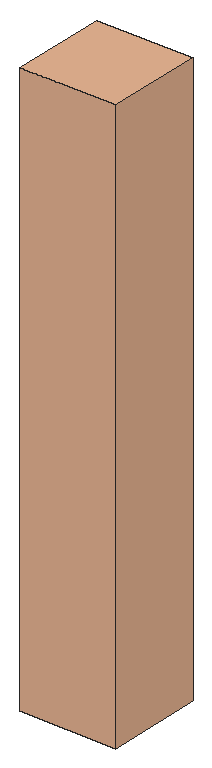
Revit family "EFWallPost", category Structural Columns, Revit 2020
Family settings
  Section Shape = Not Defined
  Material for Model Behavior = Other
  Always export as geometry = No
  Beam cutback in plan = From bounding box
  OmniClass Number = 23.25.30.11.14.11
  OmniClass Title = Columns
  Cut with Voids When Loaded = No
  Symbolic Representation = From Family
  Shared = No
  Show family pre-cut in plan views = Yes
Parameters
  b = 2' - 0"
  d = 2' - 0"
  ParentName = ""
  Height [instance] = 12' - 0"
Reference planes (in)
  plane 1 "Center (Front/Back)": y = 0
  plane 2: z = 0
  plane 3 "Center (Left/Right)": x = 0
  plane 4 "Left": x = -12
  plane 5 "Right": x = 12
  plane 6 "Back": y = 12
  plane 7 "Front": y = -12
Forms (in)
  Extrusion 1, solid, material "Wood"
    sketch origin (0, 0, 0) x (1, 0, 0) y (0, 1, 0)
      loop
        line (12, -12) -> (12, 12) -> (-12, 12) -> (-12, -12) -> (12, -12)
    from 0 to 144
Dimensions and locks (in)
  equal spacing: plane 4 "Left", plane 3 "Center (Left/Right)", plane 5 "Right"
  equal spacing: plane 7 "Front", plane 1 "Center (Front/Back)", plane 6 "Back"
  "d": plane 7 "Front" to plane 6 "Back"
  "b": plane 4 "Left" to plane 5 "Right"
  "Height": Extrusion 1 to Extrusion 1
  aligned and locked: level to plane 2
Automatic sketch dimensions
  Extrusion 1 sketch curve to plane 6 "Back" = 0' - 0"
  Extrusion 1 sketch curve to plane 5 "Right" = 0' - 0"
  plane 7 "Front" to Extrusion 1 sketch curve = 0' - 0"
  plane 4 "Left" to Extrusion 1 sketch curve = 0' - 0"
